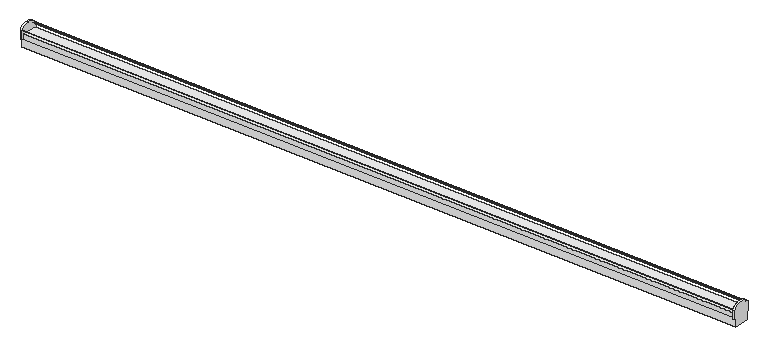
Revit family "CSL", category Lighting Fixtures, host Face, Revit 2013
Parameters (values of type "CSL8-8040")
  Warranty = "Five Year Warranty"  # constant formula
  Power Factor = 1
  Mounting = "Surface mount on wall or ceiling"  # constant formula
  Wattage = 80.5 W
  built-in parameter 1150110 = 1 (stored number, unit not read)
  Voltage = 120 V
  Wattage Comments = "40.2W-80.5W"  # constant formula
  URL = "http://www.columbialighting.com/"
  built-in parameter 1114217 = 1 (stored number, unit not read)
  Tilt Angle = -90.00°
  built-in parameter 1150109 = 1 (stored number, unit not read)
  built-in parameter 1150134 = 12
  built-in parameter 1150113 = 1 (stored number, unit not read)
  Product Page URL = "http://www.columbialighting.com/products/csl"
  Product Documentation Link = "http://cdn.columbialighting.com/content/products/specs/specs_files/ts_col_csl_spec.pdf"
  Photometric Web File = "generic.ies"
  Watts = 80.5 W
  Model = "CSL4"
  Manufacturer Phone = "864-678-1000"  # constant formula
  Manufacturer Fax = "866-898-1065"  # constant formula
  Manufacturer = "Columbia Lighting"  # constant formula
  Row Length = 8' - 0"
  built-in parameter 1150105 = 717.26 (stored number, unit not read)
  Lumens = 9016 lm
  built-in parameter 1150115 = 1 (stored number, unit not read)
  Load Classification = Lighting
  built-in parameter 1150137 = (empty or 0)
  built-in parameter 1150139 = (empty or 0)
  built-in parameter 1150112 = 1 (stored number, unit not read)
  built-in parameter 1150114 = 1 (stored number, unit not read)
  Lamp = "LED Lamp"  # constant formula
  built-in parameter 1150132 = (empty or 0)
  built-in parameter 1150102 = (empty or 0)
  built-in parameter 1150107 = 4000 (stored number, unit not read)
  built-in parameter 1150138 = (empty or 0)
  built-in parameter 1150106 = 7.1726 (stored number, unit not read)
  Glass = Hubbell - White Glass
  Emit from Rectangle Width = 0' - 2 1/4"  # constant formula
  Emit from Rectangle Length = Row Length - 0' 0 1/2"  # 7' - 11 1/2"
  Emit Shape Visible in Rendering = no
  built-in parameter 1150104 = 10.405 (stored number, unit not read)
  Dimming Lamp Color Temperature Shift = <None>
  Dimming = "0-10V"  # constant formula
  Description = "LED Striplight"  # constant formula
  Default Elevation = 4' - 0"
  Color Filter = 16777215
  built-in parameter 1114218 = 1 (stored number, unit not read)
  Backbox = Hubbell - White
  built-in parameter 1150133 = 10 (stored number, unit not read)
  Apparent Load = Watts / Power Factor  # 80.5 VA
Types (5): name | Wattage | built-in parameter 1150134 | Watts | Row Length | built-in parameter 1150105 | Lumens | built-in parameter 1150107 | built-in parameter 1150106 | Emit from Rectangle Length | built-in parameter 1150104 | Apparent Load
  (no name) | 80.5 W | 12 | 80.5 W | 8' - 0" | 717.26 (stored number, unit not read) | 9016 lm | 4000 (stored number, unit not read) | 7.1726 (stored number, unit not read) | 7' - 11 1/2" | 10.405 (stored number, unit not read) | 80.5 VA
  CSL4-4035 | 40.2 W | (empty or 0) | 40.2 W | 4' - 0" | 335.8 (stored number, unit not read) | 4221 lm | 3500 (stored number, unit not read) | 3.358 (stored number, unit not read) | 3' - 11 1/2" | 9.7548 (stored number, unit not read) | 40.2 VA
  CSL4-4040 | 40.2 W | 12 | 40.2 W | 4' - 0" | 358.19 (stored number, unit not read) | 4502.4 lm | 4000 (stored number, unit not read) | 3.5819 (stored number, unit not read) | 3' - 11 1/2" | 10.405 (stored number, unit not read) | 40.2 VA
  CSL8-8035 | 80.5 W | (empty or 0) | 80.5 W | 8' - 0" | 672.43 (stored number, unit not read) | 8452.5 lm | 3500 (stored number, unit not read) | 6.7243 (stored number, unit not read) | 7' - 11 1/2" | 9.7548 (stored number, unit not read) | 80.5 VA
  CSL8-8040 | 80.5 W | 12 | 80.5 W | 8' - 0" | 717.26 (stored number, unit not read) | 9016 lm | 4000 (stored number, unit not read) | 7.1726 (stored number, unit not read) | 7' - 11 1/2" | 10.405 (stored number, unit not read) | 80.5 VA
Reference planes (in)
  plane 1 "Center (Front/Back)": y = 0.03999
  plane 2: z = 0
  plane 3 "Center (Left/Right)": x = 1.66944
  plane 4: x = -46.33056
  plane 5: x = 49.66944
Dimensions and locks (in)
  equal spacing: plane 5, plane 3 "Center (Left/Right)", plane 4
  "Row Length": plane 5 to plane 4
  aligned and locked: plane 2 to host face
  aligned and locked: level to host face
  aligned and locked: plane 3 "Center (Left/Right)" to imposter light
  aligned and locked: imposter light to plane 1 "Center (Front/Back)"
  aligned and locked: plane 3 "Center (Left/Right)" to nested 1
  aligned and locked: plane 1 "Center (Front/Back)" to nested 1
  aligned and locked: imposter light to nested 1
Automatic sketch dimensions
  host sketch curve to host sketch curve = 8' - 0"  (x2)
Nested families (in)
  nested 1: "CSL Striplight" at (3.71711, 0, 0), Glass <- "Glass", Backbox <- "Backbox", Row Length <- "Row Length", type "CSL Striplight"
    with Row Length 8' - 0", Glass Hubbell - White Glass, Backbox Hubbell - White
Connectors (in)
  electrical at (1.66944, 0.03999, 0), driven by "Voltage", driven by "Apparent Load", driven by "Load Classification", driven by "Power Factor"
    settings: on nested 1, index 1, voltage 120 V, apparent load 80.5 VA, apparent load phase1 0 VA, apparent load phase2 0 VA, apparent load phase3 0 VA, power factor 1, load classification "Lighting", number of poles 1, system type 30, power factor state 1, is connector primary yes, connector utility no, sub classification motor no, connector description "Lighting Connector"
Definition of nested family "CSL Striplight"
  Parameters (values of type "LED Striplight")
    Wattage Comments = ""
    URL = ""
    Row Length [instance] = 8' - 0"
    Product Page URL = ""
    Product Documentation Link = ""
    Model = ""
    Manufacturer Phone = ""
    Manufacturer Fax = ""
    Manufacturer = ""
    Lamp = ""
    Glass [instance] = Hubbell - White Glass
    Description = ""
    Default Elevation = 4' - 0"
    Backbox [instance] = Hubbell - White
  Reference planes (in)
    plane 1 "Center (Front/Back)": y = 0.03999
    plane 2: z = 0
    plane 3 "Center (Left/Right)": x = -2.04767
    plane 4: x = -50.04767
    plane 5: x = 45.95233
    plane 6: x = -49.79767
    plane 7: x = 45.70233
    plane 8: z = 2.6875
    plane 9: y = 0.97749
    plane 10: y = -0.89751
    plane 11: y = 1.16499
    plane 12: y = -1.08501
    plane 13: z = 1
    plane 14: z = 1.6
  Forms (in)
    Extrusion 1, solid
      sketch origin (0, 0, 0.06357) x (1, 0, 0) y (0, 1, 0)
        loop
          line (-48, 48) -> (-48, -48) -> (48, -48) -> (48, 48) -> (-48, 48)
      from -0.06357 to -17.74365
    Extrusion 2, solid, material "Hubbell - White" <- "Backbox"
      sketch origin (-2.04767, 0, 0) x (0, 1, 0) y (0, 0, 1)
        loop
          line (1.16499, 1) -> (1.16499, 2.0314)
          arc (1.16499, 2.0314) -> (0.03999, 2.6875) -> (-1.08501, 2.0314) r 1.29256
          line (-1.08501, 2.0314) -> (-1.08501, 1) -> (-0.89751, 1) -> (-0.89751, 0) -> (0.97749, 0) -> (0.97749, 1) -> (1.16499, 1)
      from 47.75 to 48
    Extrusion 3, solid, material "Hubbell - White" <- "Backbox"
      sketch origin (-2.04767, 0, 0) x (0, 1, 0) y (0, 0, 1)
        loop
          arc (1.16499, 2.0314) -> (0.03999, 2.6875) -> (-1.08501, 2.0314) r 1.29256
          line (-1.08501, 2.0314) -> (-1.08501, 1) -> (-0.89751, 1) -> (-0.89751, 0) -> (0.97749, 0) -> (0.97749, 1) -> (1.16499, 1) -> (1.16499, 2.0314)
      from -48 to -47.75
    Extrusion 4, solid, material "Hubbell - White" <- "Backbox"
      sketch origin (-2.04767, 0, 0) x (0, 1, 0) y (0, 0, 1)
        loop
          line (0.97749, 1.6) -> (-0.89751, 1.6) -> (-0.89751, 0) -> (0.97749, 0) -> (0.97749, 1.6)
      from -47.75 to 47.75
    Extrusion 5, solid, material "Hubbell - White Glass" <- "Glass"
      sketch origin (-2.04767, 0, 0) x (0, 1, 0) y (0, 0, 1)
        loop
          line (0.97749, 1) -> (1.12749, 1) -> (1.12749, 2.02045)
          arc (1.12749, 2.02045) -> (0.03999, 2.6495) -> (-1.04751, 2.02045) r 1.25456
          line (-1.04751, 2.02045) -> (-1.04751, 1) -> (-0.89751, 1) -> (-0.89751, 1.97901)
          arc (-0.89751, 1.97901) -> (0.03999, 2.4995) -> (0.97749, 1.97901) r 1.10456
          line (0.97749, 1.97901) -> (0.97749, 1)
      from -47.75 to 47.75
  Cuts and joins
    joined: Extrusion 2, Extrusion 3, Extrusion 4
  Dimensions and locks (in)
    equal spacing: plane 5, plane 3 "Center (Left/Right)", plane 4
    locked: plane 6 to plane 4 at 0.25
    "Row Length": plane 5 to plane 4
    equal spacing: plane 7, plane 3 "Center (Left/Right)", plane 6
    plane 8 to plane 2 = 0' - 2 11/16"
    equal spacing: plane 11, plane 1 "Center (Front/Back)", plane 12
    plane 11 to plane 12 = 0' - 2 1/4"
    plane 11 to plane 1 "Center (Front/Back)" = 0' - 1 1/8"
    plane 13 to plane 2 = 0' - 1"
    plane 14 to plane 2 = 0' - 1.6"
    Extrusion 2 sketch curve to Extrusion 1 = 0' - 2.0314"  (x2)
    locked: plane 11 to plane 9 at 0.1875
    locked: plane 10 to plane 12 at 0.1875
    aligned and locked: plane 2 to Extrusion 1
    aligned and locked: level to Extrusion 1
    aligned and locked: Extrusion 2 sketch curve to plane 2
    aligned and locked: Extrusion 2 sketch curve to plane 9
    aligned and locked: Extrusion 2 sketch curve to plane 13  (x2)
    aligned and locked: plane 12 to Extrusion 2 sketch curve
    aligned and locked: plane 10 to Extrusion 2 sketch curve
    aligned and locked: plane 5 to Extrusion 2
    aligned and locked: Extrusion 2 to plane 7
    aligned and locked: Extrusion 3 sketch curve to Extrusion 2  (x7)
    aligned and locked: Extrusion 3 to plane 4
    aligned and locked: plane 6 to Extrusion 3
    aligned and locked: plane 14 to Extrusion 4 sketch curve
    aligned and locked: Extrusion 4 sketch curve to plane 9
    aligned and locked: Extrusion 4 sketch curve to Extrusion 2  (x2)
    aligned and locked: Extrusion 4 to plane 6
    aligned and locked: plane 7 to Extrusion 4
    aligned and locked: plane 7 to Extrusion 5
    aligned and locked: Extrusion 5 to plane 6
  Automatic sketch dimensions
    Extrusion 1 sketch curve to Extrusion 1 sketch curve = 8' - 0"  (x2)
    Extrusion 3 sketch curve to plane 1 "Center (Front/Back)" = 0' - 0"
    plane 14 to Extrusion 3 sketch curve = 0' - 0.4314"
    Extrusion 3 sketch curve to plane 14 = 0' - 0.20506"
    Extrusion 5 sketch curve to plane 10 = 0' - 0"
    Extrusion 5 sketch curve to plane 9 = 0' - 0"
    Extrusion 5 sketch curve to plane 13 = 0' - 0"  (x2)
    Extrusion 5 sketch curve to plane 14 = 0' - 0.20506"
    Extrusion 2 sketch curve to plane 11 = 0' - 0"
    Extrusion 2 sketch curve to plane 14 = 0' - 0.20506"
    Extrusion 5 sketch curve to Extrusion 5 sketch curve = 0' - 0.04143"
    plane 11 to Extrusion 5 sketch curve = 0' - 0.0375"
    plane 14 to Extrusion 5 sketch curve = 0' - 0.37901"  (x2)
    Extrusion 5 sketch curve to plane 12 = 0' - 0.0375"
    Extrusion 5 sketch curve to Extrusion 5 sketch curve = 0' - 0"  (x2)
